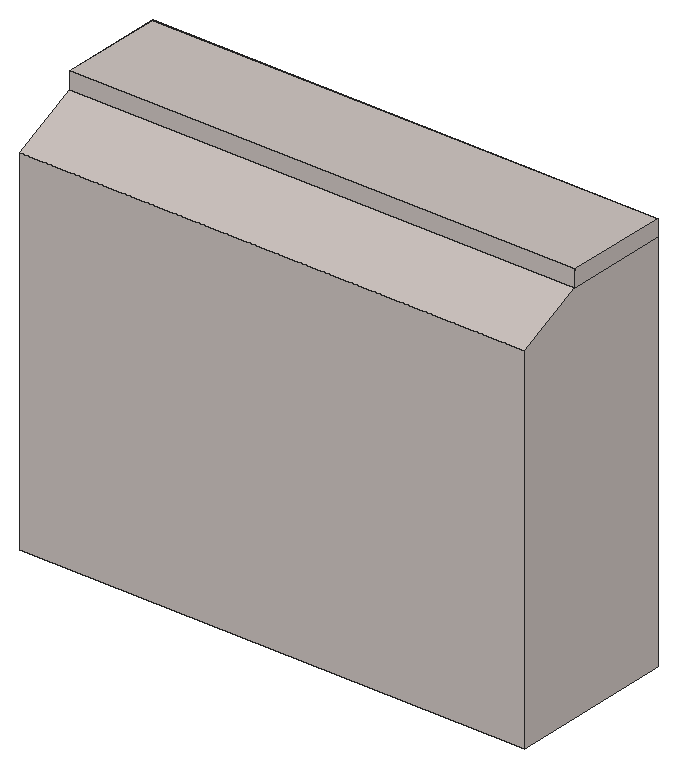
Revit family "CONC_BEAM_CHAMFER_15x11", category Structural Framing, Revit 2019
Family settings
  Display in Hidden Views = Edges Hidden by Beam Itself
  Structural Framing Length Roundoff = 0 mm
  Section Shape = Not Defined
  Material for Model Behavior = Concrete
  Always export as geometry = No
  OmniClass Number = 23.25.30.11.14.14
  OmniClass Title = Beams
  Always vertical = Yes
  Cut with Voids When Loaded = No
  Symbolic Representation = From Family
  Shared = No
  Show family pre-cut in plan views = Yes
Parameters (values of type "40/97")
  Structural Material = ב-30
  Assembly Code = ""
  Length [instance] = 1524 mm
  b = 400 mm
  h = 970 mm
Types (2, lengths in mm): name | b
  40/97 | 400
  30/97 | 300
Reference planes
  plane 1 "Center (Front/Back)": y = 0
  plane 2 "CNTR": z = 0
  plane 3 "Center (Left/Right)": x = 4.61
  plane 4 "Member Left": x = -604.99
  plane 5 "Member Right": x = 614.21
  plane 6: y = 200
  plane 7: y = -200
  plane 8: z = 485
  plane 9 "Bottom": z = -485
  plane 10 "Left": x = -757.39
  plane 11 "Right": x = 766.61
  plane 12: z = 445
Forms (mm)
  Sweep 1, solid, material "ב-30" <- "Structural Material"
    path origin (0, 0, 0) x (1, 0, 0) y (0, 1, 0)
      loop
        line (614.21, 0) -> (-604.99, 0)
    profile "M_Rectangular Beam-Top-Champfer-Profile-150 : M_Rectangular Beam-Top-Champfer-Profile-150" origin (4.61, 0, 0) x (0, -1, 0) y (0, 0, 1)
      loop
        line (-200, -485) -> (200, -485) -> (200, 375) -> (50, 445) -> (50, 485) -> (-200, 485) -> (-200, -485)
  Sweep 2, solid, material "ב-30" <- "Structural Material"
    path origin (0, 0, 0) x (1, 0, 0) y (0, 1, 0)
      loop
        line (-604.99, -50) -> (614.21, -50)
    profile origin (4.61, -50, 0) x (0, 1, 0) y (0, 0, 1)
      loop
        line (0, 445) -> (250, 445) -> (250, 485) -> (0, 485) -> (0, 445)
Dimensions and locks
  "b": plane 6 to plane 7
  equal spacing: plane 9 "Bottom", plane 2 "CNTR", plane 8
  equal spacing: plane 6, plane 1 "Center (Front/Back)", plane 7
  "h": plane 9 "Bottom" to plane 8
  "Length": plane 10 "Left" to plane 11 "Right"
  locked: plane 12 to plane 8 at 40
  aligned and locked: Sweep 1 sketch curve to plane 1 "Center (Front/Back)"
  aligned and locked: plane 4 "Member Left" to Sweep 1 sketch curve
  aligned and locked: plane 5 "Member Right" to Sweep 1 sketch curve
  aligned and locked: Sweep 2 sketch curve to Sweep 1  (x2)
  aligned and locked: plane 5 "Member Right" to Sweep 2 sketch curve
  aligned and locked: Sweep 2 sketch curve to plane 6
  aligned and locked: plane 8 to Sweep 2 sketch curve
  aligned and locked: Sweep 2 sketch curve to plane 12
Automatic sketch dimensions
  Sweep 2 sketch curve to profile plane = 0 mm
